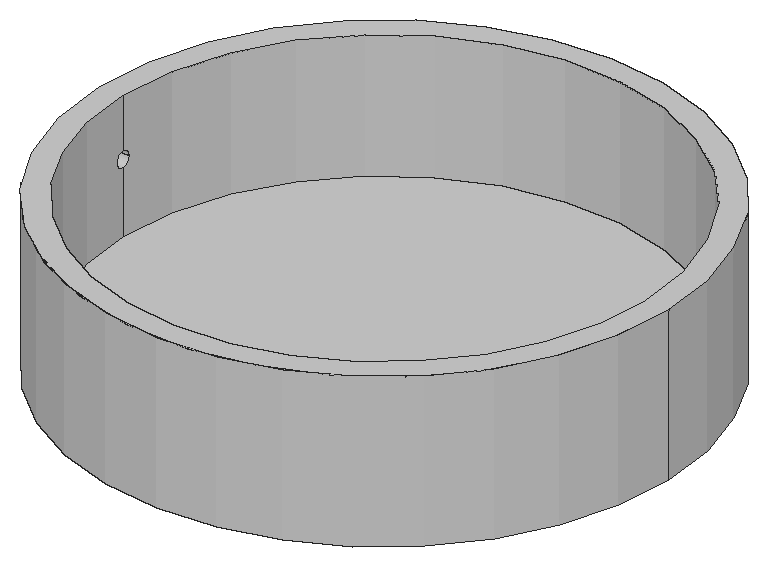
Revit family "KOD 20.6", category Фундамент несущей конструкции, Revit 2025
Family settings
  Материал для поведения модели = Прочее
  Заглушка = Нет
  Номер OmniClass = 23.25.05.00
  Заголовок OmniClass = Foundations
  На основе рабочей плоскости = Нет
  Всегда вертикально = Да
  При загрузке вырезать с полостями = Нет
  Общий = Нет
  Показывать семейство разрезанным на планах = Да
Parameters
  Петля = Петля_П1_П2 : П2
Reference planes
  plane 1 "По центру (Вперед/Назад)": y = -35
  plane 2: z = 0
  plane 3 "По центру (Влево/Вправо)": x = 0
  plane 4: z = 590
  plane 5: x = -1100
  plane 6: x = 1100
  plane 7: x = -1090
  plane 8: x = -1010
  plane 9: x = 1090
  plane 10: x = 1010
  plane 11: z = 370
Forms (mm)
  Extrusion 1, solid, material "Бетон В15"
    sketch origin (0, 0, 0) x (1, 0, 0) y (0, 1, 0)
      loop
        circle (0, -35) r 1100
      loop
        circle (0, -35) r 1010
    from 0 to 590
  Extrusion 2, void
    sketch origin (0, 0, 0) x (0, 1, 0) y (0, 0, 1)
      loop
        circle (-35, 370) r 30
    from -1090 to 1090
  Extrusion 3, solid, material "Бетон В15"
    sketch origin (0, 0, 0) x (1, 0, 0) y (0, 1, 0)
      loop
        circle (0, -35) r 1010
    from 0 to 100
Cuts and joins
  Extrusion 2 cuts Extrusion 1
  joined: Extrusion 1, Extrusion 3
Dimensions and locks
  plane 4 to level = 590 mm
  plane 11 to level = 370 mm
  aligned and locked: plane 2 to level
